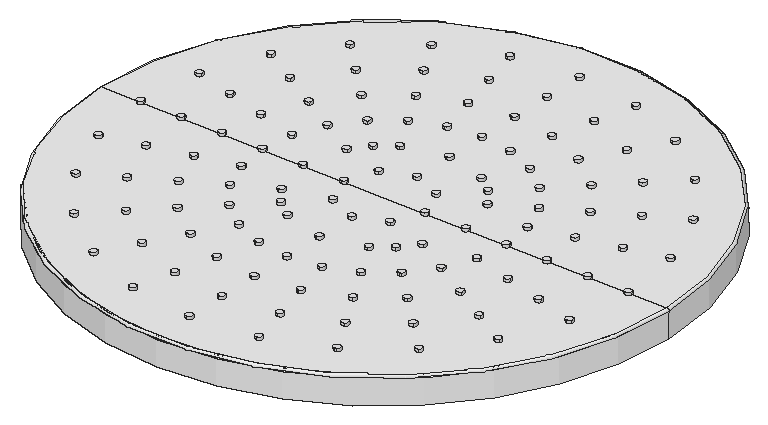
Revit family "Shower-Showerhead-KOHLER-Katalyst-13689W", category Plumbing Fixtures, host Face, Revit 2017
Family settings
  Host = Face
  Round Connector Dimension = Use Diameter
  Part Type = Normal
  OmniClass Number = 23.31.17.00
  OmniClass Title = Showers
  Cut with Voids When Loaded = No
  Shared = No
  Room Calculation Point = No
Parameters (values of type "CP-Polished Chrome")
  Width = 10"  # constant formula
  WaterSense Certified = 1 = 0  # no
  Waste Water Outlet = "Waste Water Outlet"  # constant formula
  Waste Connection = 1 = 0  # no
  Vent Connection = 1 = 0  # no
  URL = "https://www.kohler.co.uk/"
  Type = 1
  Tempred Water Inlet = "Tempred Water Inlet"  # constant formula
  Product Page URL = "https://www.kohler.co.uk/showering/water-delivery/rainheads/katalyst-contemporary-round-rainhead-10in-diameter/"
  Product Name = "Katalyst"  # constant formula
  Product Documentation Link = "https://resources.kohler.com/plumbing/kohleruk/pdf/Contemporary%20round%20rainheads%20datasheet%202015.pdf"
  Pressure = 7.25 psi  # constant formula
  Model = "13689W-CP"  # constant formula
  Material = "Brass Construction"  # constant formula
  Master Format 2014 Name = "Residential Showers"  # constant formula
  Master Format 2014 = "22 42 23"  # constant formula
  Manufacturer Address = "Cromwell Road, Cheltenham, Gloucestershire. GL52 5EP Registered in England No. 252115"  # constant formula
  Manufacturer = "KOHLER Co."  # constant formula
  Length = 10"  # constant formula
  Hot Water Inlet = "Hot Water Inlet"  # constant formula
  Height = 2 3/4"  # constant formula
  HW Connection = 1 = 1  # yes
  Flow Rate = 0 GPM
  Finish = Metal-Kohler-CP-Polished Chrome
  Environmental Product Declaration = ""
  Drain Included = 1 = 0  # no
  Description = "Contemporary round rainhead 10 inch diameter"  # constant formula
  Default Elevation = 0"
  Declare Label = ""
  Date Modified = "09/04/2020"  # constant formula
  Date Created = "09/04/2020"  # constant formula
  Copyright = "Copyright KOHLER Co."  # constant formula
  Contact Us = "https://www.kohler.co.uk/support/contact/"
  Cold Water Inlet = "Cold Water Inlet"  # constant formula
  CW Connection = 1 = 0  # no
  Assembly Code = "D2010700"
  ADA Compliant = 1 = 0  # no
Reference planes (in)
  plane 1 "Center (Front/Back)": y = 0
  plane 2: z = 0
  plane 3 "Center (Left/Right)": x = 0
  plane 4: z = 2.75
  plane 5: x = 5
  plane 6: z = -0.00031
  plane 7: x = -1.11966
  plane 8: x = 1.11966
  plane 9: x = -5
  plane 10: y = -5
  plane 11: y = 5
  plane 12: y = 1.11875
  plane 13: y = -1.11875
Dimensions and locks (in)
  plane 11 to plane 10 = 10"
  "Length": plane 11 to plane 10
  "Width": plane 9 to plane 5
  "Height": level to plane 4
  aligned and locked: plane 2 to host face
  aligned and locked: level to host face
Automatic sketch dimensions
  host sketch curve to host sketch curve = 96"  (x2)
Nested families (in)
  nested 1: "13689W" at (0, 0, 0), type "13689W"
Connectors (in)
  piping at (0, 0, 0), diameter 0.5, driven by "Flow Rate", driven by "HW Connection", driven by "Pressure", driven by "Tempred Water Inlet"
    settings: on nested 1, index 1, connector inside diameter 24", connector length 0", flow factor 0, pipe flow 0 GPM, pressure drop 7.25 psi, fitting loss kfactor 0, connector angle 0.00°, fixture units 0, engagement length 0", angle of deflection 0.00°, flow configuration 0, flow direction 1, fitting loss method 4, system type 19, joint type 0, gender type 0, connector reference index -1, connector utility 1, adjustable connector no, is connector primary yes, connector description "Tempred Water Inlet"
Definition of nested family "13689W"
  Parameters (values of type "13689W")
    Finish = none
    Assembly Code = ""
  Reference planes (in)
    plane 1 "Center (Front/Back)": y = 0
    plane 2 "Back": z = 0
    plane 3 "Center (Left/Right)": x = 0
    plane 4 "Left": x = -5
    plane 5 "Right": x = 5
    plane 6 "Top": y = 5
    plane 7 "Bottom": y = -5
    plane 8 "Front": z = 2.75
  Forms (in)
    Revolve 1, solid, material <- "Finish", detail levels medium+fine
      sketch origin (0, 0, 0) x (1, 0, 0) y (0, 0, 1)
        loop
          line (0, 0) -> (0, 2.71692) -> (-4.96144, 2.71692)
          arc (-4.96144, 2.71692) -> (-4.9887, 2.70563) -> (-5, 2.67836) r 0.03856
          line (-5, 2.67836) -> (-5, 2.24404) -> (-0.72059, 2.24404) -> (-0.72059, 1.66964) -> (-0.68982, 1.66964) -> (-0.68982, 1.19665) -> (-0.43848, 1.19665)
          arc (-0.43848, 1.19665) -> (-0.39123, 1.13635) -> (-0.33581, 1.08346) r 0.53225
          arc (-0.33581, 1.08346) -> (-0.31109, 1.01901) -> (-0.35357, 0.96459) r 0.07013
          arc (-0.35357, 0.96459) -> (-0.4567, 0.87986) -> (-0.49543, 0.75212) r 0.23005
          line (-0.49543, 0.75212) -> (-0.49543, 0.02476)
          arc (-0.49543, 0.02476) -> (-0.48818, 0.00725) -> (-0.47067, 0) r 0.02476
          line (-0.47067, 0) -> (0, 0)
        axis (0, 0) -> (0, 2.71692)
      angle from 0 to 360
    Extrusion 2, solid, detail levels medium+fine
      sketch origin (0, 0, 0) x (-1, 0, 0) y (0, -1, 0)
        loop
          circle (0.71429, 0) r 0.05864
        loop
          circle (3.57143, 0) r 0.05864
        loop
          circle (2.85714, 0) r 0.05864
        loop
          circle (2.14286, 0) r 0.05864
        loop
          circle (1.42857, 0) r 0.05864
        loop
          circle (4.28571, 0) r 0.05864
        loop
          circle (-0.71429, 0) r 0.05864
        loop
          circle (-3.57143, 0) r 0.05864
        loop
          circle (-2.85714, 0) r 0.05864
        loop
          circle (-2.14286, 0) r 0.05864
        loop
          circle (-1.42857, 0) r 0.05864
        loop
          circle (-4.28571, 0) r 0.05864
        loop
          circle (0, 0.71429) r 0.05864
        loop
          circle (0, 3.57143) r 0.05864
        loop
          circle (0, 2.85714) r 0.05864
        loop
          circle (0, 2.14286) r 0.05864
        loop
          circle (0, 1.42857) r 0.05864
        loop
          circle (0, 4.28571) r 0.05864
        loop
          circle (0, -0.71429) r 0.05864
        loop
          circle (0, -3.57143) r 0.05864
        loop
          circle (0, -2.85714) r 0.05864
        loop
          circle (0, -2.14286) r 0.05864
        loop
          circle (0, -1.42857) r 0.05864
        loop
          circle (0, -4.28571) r 0.05864
        loop
          circle (-0.50508, 0.50508) r 0.05864
        loop
          circle (-2.52538, 2.52538) r 0.05864
        loop
          circle (-2.02031, 2.02031) r 0.05864
        loop
          circle (-1.51523, 1.51523) r 0.05864
        loop
          circle (-1.01015, 1.01015) r 0.05864
        loop
          circle (-3.03046, 3.03046) r 0.05864
        loop
          circle (0.50508, -0.50508) r 0.05864
        loop
          circle (2.52538, -2.52538) r 0.05864
        loop
          circle (2.02031, -2.02031) r 0.05864
        loop
          circle (1.51523, -1.51523) r 0.05864
        loop
          circle (1.01015, -1.01015) r 0.05864
        loop
          circle (3.03046, -3.03046) r 0.05864
        loop
          circle (0.50508, 0.50508) r 0.05864
        loop
          circle (2.52538, 2.52538) r 0.05864
        loop
          circle (2.02031, 2.02031) r 0.05864
        loop
          circle (1.51523, 1.51523) r 0.05864
        loop
          circle (1.01015, 1.01015) r 0.05864
        loop
          circle (3.03046, 3.03046) r 0.05864
        loop
          circle (-0.50508, -0.50508) r 0.05864
        loop
          circle (-2.52538, -2.52538) r 0.05864
        loop
          circle (-2.02031, -2.02031) r 0.05864
        loop
          circle (-1.51523, -1.51523) r 0.05864
        loop
          circle (-1.01015, -1.01015) r 0.05864
        loop
          circle (-3.03046, -3.03046) r 0.05864
        loop
          circle (0.92435, -3.44974) r 0.05864
        loop
          circle (0.73948, -2.75979) r 0.05864
        loop
          circle (0.55461, -2.06984) r 0.05864
        loop
          circle (1.10922, -4.13968) r 0.05864
        loop
          circle (-0.92435, -3.44974) r 0.05864
        loop
          circle (-0.73948, -2.75979) r 0.05864
        loop
          circle (-0.55461, -2.06984) r 0.05864
        loop
          circle (-1.10922, -4.13968) r 0.05864
        loop
          circle (0.92435, 3.44974) r 0.05864
        loop
          circle (0.73948, 2.75979) r 0.05864
        loop
          circle (0.55461, 2.06984) r 0.05864
        loop
          circle (1.10922, 4.13968) r 0.05864
        loop
          circle (-0.92435, 3.44974) r 0.05864
        loop
          circle (-0.73948, 2.75979) r 0.05864
        loop
          circle (-0.55461, 2.06984) r 0.05864
        loop
          circle (-1.10922, 4.13968) r 0.05864
        loop
          circle (3.44974, -0.92435) r 0.05864
        loop
          circle (2.75979, -0.73948) r 0.05864
        loop
          circle (2.06984, -0.55461) r 0.05864
        loop
          circle (4.13968, -1.10922) r 0.05864
        loop
          circle (3.44974, 0.92435) r 0.05864
        loop
          circle (2.75979, 0.73948) r 0.05864
        loop
          circle (2.06984, 0.55461) r 0.05864
        loop
          circle (4.13968, 1.10922) r 0.05864
        loop
          circle (-3.44974, -0.92435) r 0.05864
        loop
          circle (-2.75979, -0.73948) r 0.05864
        loop
          circle (-2.06984, -0.55461) r 0.05864
        loop
          circle (-4.13968, -1.10922) r 0.05864
        loop
          circle (-3.44974, 0.92435) r 0.05864
        loop
          circle (-2.75979, 0.73948) r 0.05864
        loop
          circle (-2.06984, 0.55461) r 0.05864
        loop
          circle (-4.13968, 1.10922) r 0.05864
        loop
          circle (1.78571, -3.09295) r 0.05864
        loop
          circle (1.42857, -2.47436) r 0.05864
        loop
          circle (1.07143, -1.85577) r 0.05864
        loop
          circle (0.71429, -1.23718) r 0.05864
        loop
          circle (2.14286, -3.71154) r 0.05864
        loop
          circle (-1.78571, -3.09295) r 0.05864
        loop
          circle (-1.42857, -2.47436) r 0.05864
        loop
          circle (-1.07143, -1.85577) r 0.05864
        loop
          circle (-0.71429, -1.23718) r 0.05864
        loop
          circle (-2.14286, -3.71154) r 0.05864
        loop
          circle (-1.78571, 3.09295) r 0.05864
        loop
          circle (-1.42857, 2.47436) r 0.05864
        loop
          circle (-1.07143, 1.85577) r 0.05864
        loop
          circle (-0.71429, 1.23718) r 0.05864
        loop
          circle (-2.14286, 3.71154) r 0.05864
        loop
          circle (1.78571, 3.09295) r 0.05864
        loop
          circle (1.42857, 2.47436) r 0.05864
        loop
          circle (1.07143, 1.85577) r 0.05864
        loop
          circle (0.71429, 1.23718) r 0.05864
        loop
          circle (2.14286, 3.71154) r 0.05864
        loop
          circle (3.09295, 1.78571) r 0.05864
        loop
          circle (2.47436, 1.42857) r 0.05864
        loop
          circle (1.85577, 1.07143) r 0.05864
        loop
          circle (1.23718, 0.71429) r 0.05864
        loop
          circle (3.71154, 2.14286) r 0.05864
        loop
          circle (3.09295, -1.78571) r 0.05864
        loop
          circle (2.47436, -1.42857) r 0.05864
        loop
          circle (1.85577, -1.07143) r 0.05864
        loop
          circle (1.23718, -0.71429) r 0.05864
        loop
          circle (3.71154, -2.14286) r 0.05864
        loop
          circle (-3.09295, 1.78571) r 0.05864
        loop
          circle (-2.47436, 1.42857) r 0.05864
        loop
          circle (-1.85577, 1.07143) r 0.05864
        loop
          circle (-1.23718, 0.71429) r 0.05864
        loop
          circle (-3.71154, 2.14286) r 0.05864
        loop
          circle (-3.09295, -1.78571) r 0.05864
        loop
          circle (-2.47436, -1.42857) r 0.05864
        loop
          circle (-1.85577, -1.07143) r 0.05864
        loop
          circle (-1.23718, -0.71429) r 0.05864
        loop
          circle (-3.71154, -2.14286) r 0.05864
      from 2.52219 to 2.75
    Revolve 3, solid, material <- "Finish", detail levels coarse
      sketch origin (0, 0, 0) x (0, 1, 0) y (0, 0, 1)
        loop
          line (0, 0) -> (1, 0) -> (1, 2.24404) -> (5, 2.24404) -> (5, 2.75) -> (0, 2.75) -> (0, 0)
        axis (0, 2.75) -> (0, 0)
      angle from 0 to 360
    Extrusion 4, solid, material <- "Finish", detail levels medium+fine
      sketch origin (0, 0, 0) x (1, 0, 0) y (0, 1, 0)
        loop
          circle (0, 0) r 0.25
      from 0 to 0.06712
    Extrusion 5, void
      sketch origin (0, 0, 0) x (0, 1, 0) y (0, 0, 1)
        loop
          line (-0.54094, 0.34711) -> (-0.45941, 0.34711) -> (-0.45941, 0.95759) -> (-0.54094, 0.95759) -> (-0.54094, 0.34711)
        loop
          line (0.54094, 0.34711) -> (0.54094, 0.95759) -> (0.45941, 0.95759) -> (0.45941, 0.34711) -> (0.54094, 0.34711)
      from -0.70512 to 0.70221
  Cuts and joins
    Extrusion 5 cuts Revolve 1
  Lines and regions (in)
    Masking region 1
      outline origin (0, 0, 0) x (1, 0, 0) y (0, 0, 1)
        loop
          line (-0.47553, 0) -> (0.47553, 0)
          arc (0.47553, 0) -> (0.49093, 0.00718) -> (0.49532, 0.02359) r 0.0201
          line (0.49532, 0.02359) -> (0.49532, 0.75212)
          arc (0.49532, 0.75212) -> (0.45615, 0.88026) -> (0.35201, 0.96459) r 0.22916
          arc (0.35201, 0.96459) -> (0.31139, 1.01963) -> (0.33597, 1.08346) r 0.07111
          arc (0.33597, 1.08346) -> (0.39108, 1.13665) -> (0.43869, 1.19665) r 0.57911
          line (0.43869, 1.19665) -> (0.68956, 1.19665) -> (0.68956, 1.66964) -> (0.72059, 1.66964) -> (0.72059, 2.24404) -> (5, 2.24404) -> (5, 2.68627)
          arc (5, 2.68627) -> (4.99064, 2.70798) -> (4.96875, 2.71692) r 0.03125
          line (4.96875, 2.71692) -> (4.34435, 2.71692) -> (4.34435, 2.75) -> (4.22708, 2.75) -> (4.22708, 2.71692) -> (4.19604, 2.71692) -> (4.19604, 2.75) -> (4.08104, 2.75) -> (4.08104, 2.71692) -> (3.77018, 2.71692) -> (3.77018, 2.75) -> (3.6529, 2.75) -> (3.6529, 2.71692) -> (3.62216, 2.71692) -> (3.62216, 2.75) -> (3.3911, 2.75) -> (3.3911, 2.71692) -> (3.15159, 2.71692) -> (3.15159, 2.75) -> (2.97182, 2.75) -> (2.97182, 2.71692) -> (2.91578, 2.71692) -> (2.91578, 2.75) -> (2.70115, 2.75) -> (2.70115, 2.71692) -> (2.58402, 2.71692) -> (2.58402, 2.75) -> (2.41572, 2.75) -> (2.41572, 2.71692) -> (2.2015, 2.71692) -> (2.2015, 2.75) -> (1.96167, 2.75) -> (1.96167, 2.71692) -> (1.91441, 2.71692) -> (1.91441, 2.75) -> (1.72708, 2.75) -> (1.72708, 2.71692) -> (1.57387, 2.71692) -> (1.57387, 2.75) -> (1.36993, 2.75) -> (1.36993, 2.71692) -> (1.29582, 2.71692) -> (1.29582, 2.75) -> (0.86572, 2.75) -> (0.86572, 2.71692) -> (0.79812, 2.71692) -> (0.79812, 2.75) -> (0.65565, 2.75) -> (0.65565, 2.71692) -> (0.61325, 2.71692) -> (0.61325, 2.75) -> (0.44644, 2.75) -> (0.44644, 2.71692) -> (0.05864, 2.71692) -> (0.05864, 2.75) -> (0, 2.75) -> (-0.05864, 2.75) -> (-0.05864, 2.71692) -> (-0.44644, 2.71692) -> (-0.44644, 2.75) -> (-0.61325, 2.75) -> (-0.61325, 2.71692) -> (-0.65565, 2.71692) -> (-0.65565, 2.75) -> (-0.79812, 2.75) -> (-0.79812, 2.71692) -> (-0.86571, 2.71692) -> (-0.86571, 2.75) -> (-1.29582, 2.75) -> (-1.29582, 2.71692) -> (-1.36993, 2.71692) -> (-1.36993, 2.75) -> (-1.57387, 2.75) -> (-1.57387, 2.71692) -> (-1.72707, 2.71692) -> (-1.72707, 2.75) -> (-1.91441, 2.75) -> (-1.91441, 2.71692) -> (-1.96167, 2.71692) -> (-1.96167, 2.75) -> (-2.20149, 2.75) -> (-2.20149, 2.71692) -> (-2.41572, 2.71692) -> (-2.41572, 2.75) -> (-2.58402, 2.75) -> (-2.58402, 2.71692) -> (-2.70115, 2.71692) -> (-2.70115, 2.75) -> (-2.91578, 2.75) -> (-2.91578, 2.71692) -> (-2.97182, 2.71692) -> (-2.97182, 2.75) -> (-3.15159, 2.75) -> (-3.15159, 2.71692) -> (-3.3911, 2.71692) -> (-3.3911, 2.75) -> (-3.62216, 2.75) -> (-3.62216, 2.71692) -> (-3.6529, 2.71692) -> (-3.6529, 2.75) -> (-3.77017, 2.75) -> (-3.77017, 2.71692) -> (-4.08104, 2.71692) -> (-4.08104, 2.75) -> (-4.19604, 2.75) -> (-4.19604, 2.71692) -> (-4.22707, 2.71692) -> (-4.22707, 2.75) -> (-4.34435, 2.75) -> (-4.34435, 2.71692) -> (-4.96875, 2.71692)
          arc (-4.96875, 2.71692) -> (-4.99085, 2.70777) -> (-5, 2.68567) r 0.03125
          line (-5, 2.68567) -> (-5, 2.24404) -> (-0.72059, 2.24404) -> (-0.72059, 1.66964) -> (-0.68956, 1.66964) -> (-0.68956, 1.19665) -> (-0.43869, 1.19665)
          arc (-0.43869, 1.19665) -> (-0.39108, 1.13665) -> (-0.33596, 1.08346) r 0.57911
          arc (-0.33596, 1.08346) -> (-0.31138, 1.01963) -> (-0.352, 0.96459) r 0.07111
          arc (-0.352, 0.96459) -> (-0.45614, 0.88026) -> (-0.49532, 0.75212) r 0.22916
          line (-0.49532, 0.75212) -> (-0.49532, 0.02359)
          arc (-0.49532, 0.02359) -> (-0.49092, 0.00718) -> (-0.47553, 0) r 0.0201
    Masking region 2
      outline origin (0, 0, 0) x (0, 1, 0) y (0, 0, 1)
        loop
          arc (0.47553, 0) -> (0.49093, 0.00718) -> (0.49532, 0.02359) r 0.0201
          line (0.49532, 0.02359) -> (0.49532, 0.34711) -> (0.45941, 0.34711) -> (0.45941, 0.87529)
          arc (0.45941, 0.87529) -> (0.41267, 0.92832) -> (0.35201, 0.96459) r 0.22916
          arc (0.35201, 0.96459) -> (0.31138, 1.01963) -> (0.33597, 1.08346) r 0.07111
          arc (0.33597, 1.08346) -> (0.39108, 1.13665) -> (0.43869, 1.19665) r 0.57911
          line (0.43869, 1.19665) -> (0.68956, 1.19665) -> (0.68956, 1.66964) -> (0.72059, 1.66964) -> (0.72059, 2.24404) -> (5, 2.24404) -> (5, 2.68567)
          arc (5, 2.68567) -> (4.99085, 2.70777) -> (4.96875, 2.71692) r 0.03125
          line (4.96875, 2.71692) -> (4.34435, 2.71692) -> (4.34435, 2.75) -> (4.22708, 2.75) -> (4.22708, 2.71692) -> (4.19604, 2.71692) -> (4.19604, 2.75) -> (4.08104, 2.75) -> (4.08104, 2.71692) -> (3.77018, 2.71692) -> (3.77018, 2.75) -> (3.6529, 2.75) -> (3.6529, 2.71692) -> (3.62216, 2.71692) -> (3.62216, 2.75) -> (3.3911, 2.75) -> (3.3911, 2.71692) -> (3.15159, 2.71692) -> (3.15159, 2.75) -> (2.97182, 2.75) -> (2.97182, 2.71692) -> (2.91578, 2.71692) -> (2.91578, 2.75) -> (2.70115, 2.75) -> (2.70115, 2.71692) -> (2.58402, 2.71692) -> (2.58402, 2.75) -> (2.41572, 2.75) -> (2.41572, 2.71692) -> (2.2015, 2.71692) -> (2.2015, 2.75) -> (1.96167, 2.75) -> (1.96167, 2.71692) -> (1.91441, 2.71692) -> (1.91441, 2.75) -> (1.72708, 2.75) -> (1.72708, 2.71692) -> (1.57387, 2.71692) -> (1.57387, 2.75) -> (1.36993, 2.75) -> (1.36993, 2.71692) -> (1.29582, 2.71692) -> (1.29582, 2.75) -> (0.86572, 2.75) -> (0.86572, 2.71692) -> (0.79812, 2.71692) -> (0.79812, 2.75) -> (0.65565, 2.75) -> (0.65565, 2.71692) -> (0.61325, 2.71692) -> (0.61325, 2.75) -> (0.44644, 2.75) -> (0.44644, 2.71692) -> (0.05864, 2.71692) -> (0.05864, 2.75) -> (0, 2.75) -> (-0.05864, 2.75) -> (-0.05864, 2.71692) -> (-0.44644, 2.71692) -> (-0.44644, 2.75) -> (-0.61325, 2.75) -> (-0.61325, 2.71692) -> (-0.65565, 2.71692) -> (-0.65565, 2.75) -> (-0.79812, 2.75) -> (-0.79812, 2.71692) -> (-0.86572, 2.71692) -> (-0.86572, 2.75) -> (-1.29582, 2.75) -> (-1.29582, 2.71692) -> (-1.36993, 2.71692) -> (-1.36993, 2.75) -> (-1.57387, 2.75) -> (-1.57387, 2.71692) -> (-1.72708, 2.71692) -> (-1.72708, 2.75) -> (-1.91441, 2.75) -> (-1.91441, 2.71692) -> (-1.96167, 2.71692) -> (-1.96167, 2.75) -> (-2.2015, 2.75) -> (-2.2015, 2.71692) -> (-2.41572, 2.71692) -> (-2.41572, 2.75) -> (-2.58402, 2.75) -> (-2.58402, 2.71692) -> (-2.70115, 2.71692) -> (-2.70115, 2.75) -> (-2.91578, 2.75) -> (-2.91578, 2.71692) -> (-2.97182, 2.71692) -> (-2.97182, 2.75) -> (-3.15159, 2.75) -> (-3.15159, 2.71692) -> (-3.3911, 2.71692) -> (-3.3911, 2.75) -> (-3.62216, 2.75) -> (-3.62216, 2.71692) -> (-3.6529, 2.71692) -> (-3.6529, 2.75) -> (-3.77018, 2.75) -> (-3.77018, 2.71692) -> (-4.08104, 2.71692) -> (-4.08104, 2.75) -> (-4.19604, 2.75) -> (-4.19604, 2.71692) -> (-4.22708, 2.71692) -> (-4.22708, 2.75) -> (-4.34435, 2.75) -> (-4.34435, 2.71692) -> (-4.96875, 2.71692)
          arc (-4.96875, 2.71692) -> (-4.99064, 2.70798) -> (-5, 2.68627) r 0.03125
          line (-5, 2.68627) -> (-5, 2.24404) -> (-0.72059, 2.24404) -> (-0.72059, 1.66964) -> (-0.68956, 1.66964) -> (-0.68956, 1.19665) -> (-0.43869, 1.19665)
          arc (-0.43869, 1.19665) -> (-0.39108, 1.13665) -> (-0.33597, 1.08346) r 0.57911
          arc (-0.33597, 1.08346) -> (-0.31138, 1.01963) -> (-0.35201, 0.96459) r 0.07111
          arc (-0.35201, 0.96459) -> (-0.41267, 0.92832) -> (-0.45941, 0.87529) r 0.22916
          line (-0.45941, 0.87529) -> (-0.45941, 0.34711) -> (-0.49532, 0.34711) -> (-0.49532, 0.02359)
          arc (-0.49532, 0.02359) -> (-0.49093, 0.00718) -> (-0.47553, 0) r 0.0201
          line (-0.47553, 0) -> (0.47553, 0)
    Masking region 3
      outline origin (0, 0, 0) x (1, 0, 0) y (0, 1, 0)
        loop
          circle (0, 0) r 5
    symbolic lines, detail levels medium+fine
      curve 1: line (-0.72059, 0, 2.24404) -> (0.72059, 0, 2.24404)
      curve 2: line (-0.68982, 0, 1.66964) -> (0.68982, 0, 1.66964)
      curve 3: line (-0.43848, 0, 1.19665) -> (0.43848, 0, 1.19665)
      curve 4: line (-0.33591, 0, 1.08346) -> (0.33591, 0, 1.08346)
      curve 5: line (-0.35346, 0, 0.96459) -> (0.35346, 0, 0.96459)
      curve 6: spline (-0.19715, 0, 0.75212) -> (-0.19043, 0, 0.78649) -> (-0.17074, 0, 0.81851) -> (-0.13942, 0, 0.84602) -> (-0.0986, 0, 0.86712) -> (-0.05107, 0, 0.88038) -> (-0.00005, 0, 0.88491) -> (0.05096, 0, 0.88038) -> (0.09849, 0, 0.86712) -> (0.13931, 0, 0.84602) -> (0.17064, 0, 0.81851) -> (0.19033, 0, 0.78649) -> (0.19704, 0, 0.75212)
      curve 7: line (0.19704, 0, 0.17428) -> (0.19704, 0, 0.75212)
      curve 8: line (-0.19715, 0, 0.75212) -> (-0.19715, 0, 0.17428)
      curve 9: line (-0.19715, 0, 0.17428) -> (0.19704, 0, 0.17428)
      curve 10: line (-0.19715, 0, 0.17428) -> (0.19704, 0, 0.17428)
      curve 11: line (0, -0.35357, 0.96459) -> (0, 0.35335, 0.96459)
      curve 12: line (0, -0.33591, 1.08346) -> (0, 0.33575, 1.08346)
      curve 13: line (0, -0.68982, 1.19665) -> (0, 0.68956, 1.19665)
      curve 14: arc (-2.98899, 2.98899, 2.75) -> (-2.98899, 3.07192, 2.75) -> (-3.07192, 3.07192, 2.75) r 0.05864
      curve 15: arc (-3.07192, 3.07192, 2.75) -> (-3.07192, 2.98899, 2.75) -> (-2.98899, 2.98899, 2.75) r 0.05864
      curve 16: arc (-2.48392, 2.48392, 2.75) -> (-2.48392, 2.56685, 2.75) -> (-2.56685, 2.56685, 2.75) r 0.05864
      curve 17: arc (-2.56685, 2.56685, 2.75) -> (-2.56685, 2.48392, 2.75) -> (-2.48392, 2.48392, 2.75) r 0.05864
      curve 18: arc (-1.97884, 1.97884, 2.75) -> (-1.97884, 2.06177, 2.75) -> (-2.06177, 2.06177, 2.75) r 0.05864
      curve 19: arc (-2.06177, 2.06177, 2.75) -> (-2.06177, 1.97884, 2.75) -> (-1.97884, 1.97884, 2.75) r 0.05864
      curve 20: arc (-1.47377, 1.47377, 2.75) -> (-1.47377, 1.55669, 2.75) -> (-1.55669, 1.55669, 2.75) r 0.05864
      curve 21: arc (-1.55669, 1.55669, 2.75) -> (-1.55669, 1.47377, 2.75) -> (-1.47377, 1.47377, 2.75) r 0.05864
      curve 22: arc (-0.96869, 0.96869, 2.75) -> (-0.96869, 1.05162, 2.75) -> (-1.05162, 1.05162, 2.75) r 0.05864
      curve 23: arc (-1.05162, 1.05162, 2.75) -> (-1.05162, 0.96869, 2.75) -> (-0.96869, 0.96869, 2.75) r 0.05864
      curve 24: arc (-0.46361, 0.46361, 2.75) -> (-0.46361, 0.54654, 2.75) -> (-0.54654, 0.54654, 2.75) r 0.05864
      curve 25: arc (-0.54654, 0.54654, 2.75) -> (-0.54654, 0.46361, 2.75) -> (-0.46361, 0.46361, 2.75) r 0.05864
      curve 26: arc (-0.68497, 1.1864, 2.75) -> (-0.6635, 1.2665, 2.75) -> (-0.7436, 1.28796, 2.75) r 0.05864
      curve 27: arc (-0.7436, 1.28796, 2.75) -> (-0.76507, 1.20786, 2.75) -> (-0.68497, 1.1864, 2.75) r 0.05864
      curve 28: arc (-1.04211, 1.80499, 2.75) -> (-1.02065, 1.88509, 2.75) -> (-1.10075, 1.90655, 2.75) r 0.05864
      curve 29: arc (-1.10075, 1.90655, 2.75) -> (-1.12221, 1.82645, 2.75) -> (-1.04211, 1.80499, 2.75) r 0.05864
      curve 30: arc (-1.39925, 2.42358, 2.75) -> (-1.37779, 2.50368, 2.75) -> (-1.45789, 2.52514, 2.75) r 0.05864
      curve 31: arc (-1.45789, 2.52514, 2.75) -> (-1.47935, 2.44504, 2.75) -> (-1.39925, 2.42358, 2.75) r 0.05864
      curve 32: arc (-1.7564, 3.04217, 2.75) -> (-1.73493, 3.12227, 2.75) -> (-1.81503, 3.14373, 2.75) r 0.05864
      curve 33: arc (-1.81503, 3.14373, 2.75) -> (-1.8365, 3.06363, 2.75) -> (-1.7564, 3.04217, 2.75) r 0.05864
      curve 34: arc (-2.11354, 3.66075, 2.75) -> (-2.09207, 3.74086, 2.75) -> (-2.17218, 3.76232, 2.75) r 0.05864
      curve 35: arc (-2.17218, 3.76232, 2.75) -> (-2.19364, 3.68222, 2.75) -> (-2.11354, 3.66075, 2.75) r 0.05864
      curve 36: arc (-1.09405, 4.08304, 2.75) -> (-1.05258, 4.15486, 2.75) -> (-1.1244, 4.19632, 2.75) r 0.05864
      curve 37: arc (-1.1244, 4.19632, 2.75) -> (-1.16586, 4.12451, 2.75) -> (-1.09405, 4.08304, 2.75) r 0.05864
      curve 38: arc (-0.90918, 3.39309, 2.75) -> (-0.86771, 3.46491, 2.75) -> (-0.93953, 3.50638, 2.75) r 0.05864
      curve 39: arc (-0.93953, 3.50638, 2.75) -> (-0.98099, 3.43456, 2.75) -> (-0.90918, 3.39309, 2.75) r 0.05864
      curve 40: arc (-0.72431, 2.70315, 2.75) -> (-0.68284, 2.77496, 2.75) -> (-0.75466, 2.81643, 2.75) r 0.05864
      curve 41: arc (-0.75466, 2.81643, 2.75) -> (-0.79612, 2.74461, 2.75) -> (-0.72431, 2.70315, 2.75) r 0.05864
      curve 42: arc (-0.53944, 2.0132, 2.75) -> (-0.49797, 2.08502, 2.75) -> (-0.56979, 2.12648, 2.75) r 0.05864
      curve 43: arc (-0.56979, 2.12648, 2.75) -> (-0.61125, 2.05466, 2.75) -> (-0.53944, 2.0132, 2.75) r 0.05864
      curve 44: arc (0, 0.65565, 2.75) -> (0.05864, 0.71429, 2.75) -> (0, 0.77292, 2.75) r 0.05864
      curve 45: arc (0, 0.77292, 2.75) -> (-0.05864, 0.71429, 2.75) -> (0, 0.65565, 2.75) r 0.05864
      curve 46: arc (0, 1.36993, 2.75) -> (0.05864, 1.42857, 2.75) -> (0, 1.48721, 2.75) r 0.05864
      curve 47: arc (0, 1.48721, 2.75) -> (-0.05864, 1.42857, 2.75) -> (0, 1.36993, 2.75) r 0.05864
      curve 48: arc (0, 2.08422, 2.75) -> (0.05864, 2.14286, 2.75) -> (0, 2.2015, 2.75) r 0.05864
      curve 49: arc (0, 2.2015, 2.75) -> (-0.05864, 2.14286, 2.75) -> (0, 2.08422, 2.75) r 0.05864
      curve 50: arc (0, 2.7985, 2.75) -> (0.05864, 2.85714, 2.75) -> (0, 2.91578, 2.75) r 0.05864
      curve 51: arc (0, 2.91578, 2.75) -> (-0.05864, 2.85714, 2.75) -> (0, 2.7985, 2.75) r 0.05864
      curve 52: arc (0, 3.51279, 2.75) -> (0.05864, 3.57143, 2.75) -> (0, 3.63007, 2.75) r 0.05864
      curve 53: arc (0, 3.63007, 2.75) -> (-0.05864, 3.57143, 2.75) -> (0, 3.51279, 2.75) r 0.05864
      curve 54: arc (0, 4.22708, 2.75) -> (0.05864, 4.28571, 2.75) -> (0, 4.34435, 2.75) r 0.05864
      curve 55: arc (0, 4.34435, 2.75) -> (-0.05864, 4.28571, 2.75) -> (0, 4.22708, 2.75) r 0.05864
      curve 56: arc (-1.28796, 0.7436, 2.75) -> (-1.2665, 0.6635, 2.75) -> (-1.1864, 0.68497, 2.75) r 0.05864
      curve 57: arc (-1.1864, 0.68497, 2.75) -> (-1.20786, 0.76507, 2.75) -> (-1.28796, 0.7436, 2.75) r 0.05864
      curve 58: arc (-1.90655, 1.10075, 2.75) -> (-1.88509, 1.02065, 2.75) -> (-1.80499, 1.04211, 2.75) r 0.05864
      curve 59: arc (-1.80499, 1.04211, 2.75) -> (-1.82645, 1.12221, 2.75) -> (-1.90655, 1.10075, 2.75) r 0.05864
      curve 60: arc (-2.52514, 1.45789, 2.75) -> (-2.50368, 1.37779, 2.75) -> (-2.42358, 1.39925, 2.75) r 0.05864
      curve 61: arc (-2.42358, 1.39925, 2.75) -> (-2.44504, 1.47935, 2.75) -> (-2.52514, 1.45789, 2.75) r 0.05864
      curve 62: arc (-3.14373, 1.81503, 2.75) -> (-3.12227, 1.73493, 2.75) -> (-3.04217, 1.7564, 2.75) r 0.05864
      curve 63: arc (-3.04217, 1.7564, 2.75) -> (-3.06363, 1.8365, 2.75) -> (-3.14373, 1.81503, 2.75) r 0.05864
      curve 64: arc (-3.76232, 2.17218, 2.75) -> (-3.74086, 2.09207, 2.75) -> (-3.66075, 2.11354, 2.75) r 0.05864
      curve 65: arc (-3.66075, 2.11354, 2.75) -> (-3.68222, 2.19364, 2.75) -> (-3.76232, 2.17218, 2.75) r 0.05864
      curve 66: arc (-2.12648, 0.56979, 2.75) -> (-2.08502, 0.49797, 2.75) -> (-2.0132, 0.53944, 2.75) r 0.05864
      curve 67: arc (-2.0132, 0.53944, 2.75) -> (-2.05466, 0.61125, 2.75) -> (-2.12648, 0.56979, 2.75) r 0.05864
      curve 68: arc (-2.81643, 0.75466, 2.75) -> (-2.77496, 0.68284, 2.75) -> (-2.70315, 0.72431, 2.75) r 0.05864
      curve 69: arc (-2.70315, 0.72431, 2.75) -> (-2.74461, 0.79612, 2.75) -> (-2.81643, 0.75466, 2.75) r 0.05864
      curve 70: arc (-3.50638, 0.93953, 2.75) -> (-3.46491, 0.86771, 2.75) -> (-3.39309, 0.90918, 2.75) r 0.05864
      curve 71: arc (-3.39309, 0.90918, 2.75) -> (-3.43456, 0.98099, 2.75) -> (-3.50638, 0.93953, 2.75) r 0.05864
      curve 72: arc (-4.19632, 1.1244, 2.75) -> (-4.15486, 1.05258, 2.75) -> (-4.08304, 1.09405, 2.75) r 0.05864
      curve 73: arc (-4.08304, 1.09405, 2.75) -> (-4.12451, 1.16586, 2.75) -> (-4.19632, 1.1244, 2.75) r 0.05864
      curve 74: arc (-0.77292, 0, 2.75) -> (-0.71429, -0.05864, 2.75) -> (-0.65565, 0, 2.75) r 0.05864
      curve 75: arc (-0.65565, 0, 2.75) -> (-0.71429, 0.05864, 2.75) -> (-0.77292, 0, 2.75) r 0.05864
      curve 76: arc (-1.48721, 0, 2.75) -> (-1.42857, -0.05864, 2.75) -> (-1.36993, 0, 2.75) r 0.05864
      curve 77: arc (-1.36993, 0, 2.75) -> (-1.42857, 0.05864, 2.75) -> (-1.48721, 0, 2.75) r 0.05864
      curve 78: arc (-2.2015, 0, 2.75) -> (-2.14286, -0.05864, 2.75) -> (-2.08422, 0, 2.75) r 0.05864
      curve 79: arc (-2.08422, 0, 2.75) -> (-2.14286, 0.05864, 2.75) -> (-2.2015, 0, 2.75) r 0.05864
      curve 80: arc (-2.91578, 0, 2.75) -> (-2.85714, -0.05864, 2.75) -> (-2.7985, 0, 2.75) r 0.05864
      curve 81: arc (-2.7985, 0, 2.75) -> (-2.85714, 0.05864, 2.75) -> (-2.91578, 0, 2.75) r 0.05864
      curve 82: arc (-3.63007, 0, 2.75) -> (-3.57143, -0.05864, 2.75) -> (-3.51279, 0, 2.75) r 0.05864
      curve 83: arc (-3.51279, 0, 2.75) -> (-3.57143, 0.05864, 2.75) -> (-3.63007, 0, 2.75) r 0.05864
      curve 84: arc (-4.34435, 0, 2.75) -> (-4.28571, -0.05864, 2.75) -> (-4.22708, 0, 2.75) r 0.05864
      curve 85: arc (-4.22708, 0, 2.75) -> (-4.28571, 0.05864, 2.75) -> (-4.34435, 0, 2.75) r 0.05864
      curve 86: arc (-2.98899, -2.98899, 2.75) -> (-2.98899, -3.07192, 2.75) -> (-3.07192, -3.07192, 2.75) r 0.05864
      curve 87: arc (-3.07192, -3.07192, 2.75) -> (-3.07192, -2.98899, 2.75) -> (-2.98899, -2.98899, 2.75) r 0.05864
      curve 88: arc (-2.48392, -2.48392, 2.75) -> (-2.48392, -2.56685, 2.75) -> (-2.56685, -2.56685, 2.75) r 0.05864
      curve 89: arc (-2.56685, -2.56685, 2.75) -> (-2.56685, -2.48392, 2.75) -> (-2.48392, -2.48392, 2.75) r 0.05864
      curve 90: arc (-1.97884, -1.97884, 2.75) -> (-1.97884, -2.06177, 2.75) -> (-2.06177, -2.06177, 2.75) r 0.05864
      curve 91: arc (-2.06177, -2.06177, 2.75) -> (-2.06177, -1.97884, 2.75) -> (-1.97884, -1.97884, 2.75) r 0.05864
      curve 92: arc (-1.47377, -1.47377, 2.75) -> (-1.47377, -1.55669, 2.75) -> (-1.55669, -1.55669, 2.75) r 0.05864
      curve 93: arc (-1.55669, -1.55669, 2.75) -> (-1.55669, -1.47377, 2.75) -> (-1.47377, -1.47377, 2.75) r 0.05864
      curve 94: arc (-0.96869, -0.96869, 2.75) -> (-0.96869, -1.05162, 2.75) -> (-1.05162, -1.05162, 2.75) r 0.05864
      curve 95: arc (-1.05162, -1.05162, 2.75) -> (-1.05162, -0.96869, 2.75) -> (-0.96869, -0.96869, 2.75) r 0.05864
      curve 96: arc (-0.46361, -0.46361, 2.75) -> (-0.46361, -0.54654, 2.75) -> (-0.54654, -0.54654, 2.75) r 0.05864
      curve 97: arc (-0.54654, -0.54654, 2.75) -> (-0.54654, -0.46361, 2.75) -> (-0.46361, -0.46361, 2.75) r 0.05864
      curve 98: arc (-0.68497, -1.1864, 2.75) -> (-0.6635, -1.2665, 2.75) -> (-0.7436, -1.28796, 2.75) r 0.05864
      curve 99: arc (-0.7436, -1.28796, 2.75) -> (-0.76507, -1.20786, 2.75) -> (-0.68497, -1.1864, 2.75) r 0.05864
      curve 100: arc (-1.04211, -1.80499, 2.75) -> (-1.02065, -1.88509, 2.75) -> (-1.10075, -1.90655, 2.75) r 0.05864
      curve 101: arc (-1.10075, -1.90655, 2.75) -> (-1.12221, -1.82645, 2.75) -> (-1.04211, -1.80499, 2.75) r 0.05864
      curve 102: arc (-1.39925, -2.42358, 2.75) -> (-1.37779, -2.50368, 2.75) -> (-1.45789, -2.52514, 2.75) r 0.05864
      curve 103: arc (-1.45789, -2.52514, 2.75) -> (-1.47935, -2.44504, 2.75) -> (-1.39925, -2.42358, 2.75) r 0.05864
      curve 104: arc (-1.7564, -3.04217, 2.75) -> (-1.73493, -3.12227, 2.75) -> (-1.81503, -3.14373, 2.75) r 0.05864
      curve 105: arc (-1.81503, -3.14373, 2.75) -> (-1.8365, -3.06363, 2.75) -> (-1.7564, -3.04217, 2.75) r 0.05864
      curve 106: arc (-2.11354, -3.66075, 2.75) -> (-2.09207, -3.74086, 2.75) -> (-2.17218, -3.76232, 2.75) r 0.05864
      curve 107: arc (-2.17218, -3.76232, 2.75) -> (-2.19364, -3.68222, 2.75) -> (-2.11354, -3.66075, 2.75) r 0.05864
      curve 108: arc (-1.09405, -4.08304, 2.75) -> (-1.05258, -4.15486, 2.75) -> (-1.1244, -4.19632, 2.75) r 0.05864
      curve 109: arc (-1.1244, -4.19632, 2.75) -> (-1.16586, -4.12451, 2.75) -> (-1.09405, -4.08304, 2.75) r 0.05864
      curve 110: arc (-0.90918, -3.39309, 2.75) -> (-0.86771, -3.46491, 2.75) -> (-0.93953, -3.50638, 2.75) r 0.05864
      curve 111: arc (-0.93953, -3.50638, 2.75) -> (-0.98099, -3.43456, 2.75) -> (-0.90918, -3.39309, 2.75) r 0.05864
      curve 112: arc (-0.72431, -2.70315, 2.75) -> (-0.68284, -2.77496, 2.75) -> (-0.75466, -2.81643, 2.75) r 0.05864
      curve 113: arc (-0.75466, -2.81643, 2.75) -> (-0.79612, -2.74461, 2.75) -> (-0.72431, -2.70315, 2.75) r 0.05864
      curve 114: arc (-0.53944, -2.0132, 2.75) -> (-0.49797, -2.08502, 2.75) -> (-0.56979, -2.12648, 2.75) r 0.05864
      curve 115: arc (-0.56979, -2.12648, 2.75) -> (-0.61125, -2.05466, 2.75) -> (-0.53944, -2.0132, 2.75) r 0.05864
      curve 116: arc (-1.28796, -0.7436, 2.75) -> (-1.2665, -0.6635, 2.75) -> (-1.1864, -0.68497, 2.75) r 0.05864
      curve 117: arc (-1.1864, -0.68497, 2.75) -> (-1.20786, -0.76507, 2.75) -> (-1.28796, -0.7436, 2.75) r 0.05864
      curve 118: arc (-1.90655, -1.10075, 2.75) -> (-1.88509, -1.02065, 2.75) -> (-1.80499, -1.04211, 2.75) r 0.05864
      curve 119: arc (-1.80499, -1.04211, 2.75) -> (-1.82645, -1.12221, 2.75) -> (-1.90655, -1.10075, 2.75) r 0.05864
      curve 120: arc (-2.52514, -1.45789, 2.75) -> (-2.50368, -1.37779, 2.75) -> (-2.42358, -1.39925, 2.75) r 0.05864
      curve 121: arc (-2.42358, -1.39925, 2.75) -> (-2.44504, -1.47935, 2.75) -> (-2.52514, -1.45789, 2.75) r 0.05864
      curve 122: arc (-3.14373, -1.81503, 2.75) -> (-3.12227, -1.73493, 2.75) -> (-3.04217, -1.7564, 2.75) r 0.05864
      curve 123: arc (-3.04217, -1.7564, 2.75) -> (-3.06363, -1.8365, 2.75) -> (-3.14373, -1.81503, 2.75) r 0.05864
      curve 124: arc (-3.76232, -2.17218, 2.75) -> (-3.74086, -2.09207, 2.75) -> (-3.66075, -2.11354, 2.75) r 0.05864
      curve 125: arc (-3.66075, -2.11354, 2.75) -> (-3.68222, -2.19364, 2.75) -> (-3.76232, -2.17218, 2.75) r 0.05864
      curve 126: arc (-2.12648, -0.56979, 2.75) -> (-2.08502, -0.49797, 2.75) -> (-2.0132, -0.53944, 2.75) r 0.05864
      curve 127: arc (-2.0132, -0.53944, 2.75) -> (-2.05466, -0.61125, 2.75) -> (-2.12648, -0.56979, 2.75) r 0.05864
      curve 128: arc (-2.81643, -0.75466, 2.75) -> (-2.77496, -0.68284, 2.75) -> (-2.70315, -0.72431, 2.75) r 0.05864
      curve 129: arc (-2.70315, -0.72431, 2.75) -> (-2.74461, -0.79612, 2.75) -> (-2.81643, -0.75466, 2.75) r 0.05864
      curve 130: arc (-3.50638, -0.93953, 2.75) -> (-3.46491, -0.86771, 2.75) -> (-3.39309, -0.90918, 2.75) r 0.05864
      curve 131: arc (-3.39309, -0.90918, 2.75) -> (-3.43456, -0.98099, 2.75) -> (-3.50638, -0.93953, 2.75) r 0.05864
      curve 132: arc (-4.19632, -1.1244, 2.75) -> (-4.15486, -1.05258, 2.75) -> (-4.08304, -1.09405, 2.75) r 0.05864
      curve 133: arc (-4.08304, -1.09405, 2.75) -> (-4.12451, -1.16586, 2.75) -> (-4.19632, -1.1244, 2.75) r 0.05864
      curve 134: arc (2.98899, -2.98899, 2.75) -> (2.98899, -3.07192, 2.75) -> (3.07192, -3.07192, 2.75) r 0.05864
      curve 135: arc (3.07192, -3.07192, 2.75) -> (3.07192, -2.98899, 2.75) -> (2.98899, -2.98899, 2.75) r 0.05864
      curve 136: arc (2.48392, -2.48392, 2.75) -> (2.48392, -2.56685, 2.75) -> (2.56685, -2.56685, 2.75) r 0.05864
      curve 137: arc (2.56685, -2.56685, 2.75) -> (2.56685, -2.48392, 2.75) -> (2.48392, -2.48392, 2.75) r 0.05864
      curve 138: arc (1.97884, -1.97884, 2.75) -> (1.97884, -2.06177, 2.75) -> (2.06177, -2.06177, 2.75) r 0.05864
      curve 139: arc (2.06177, -2.06177, 2.75) -> (2.06177, -1.97884, 2.75) -> (1.97884, -1.97884, 2.75) r 0.05864
      curve 140: arc (1.47377, -1.47377, 2.75) -> (1.47377, -1.55669, 2.75) -> (1.55669, -1.55669, 2.75) r 0.05864
      curve 141: arc (1.55669, -1.55669, 2.75) -> (1.55669, -1.47377, 2.75) -> (1.47377, -1.47377, 2.75) r 0.05864
      curve 142: arc (0.96869, -0.96869, 2.75) -> (0.96869, -1.05162, 2.75) -> (1.05162, -1.05162, 2.75) r 0.05864
      curve 143: arc (1.05162, -1.05162, 2.75) -> (1.05162, -0.96869, 2.75) -> (0.96869, -0.96869, 2.75) r 0.05864
      curve 144: arc (0.46361, -0.46361, 2.75) -> (0.46361, -0.54654, 2.75) -> (0.54654, -0.54654, 2.75) r 0.05864
      curve 145: arc (0.54654, -0.54654, 2.75) -> (0.54654, -0.46361, 2.75) -> (0.46361, -0.46361, 2.75) r 0.05864
      curve 146: arc (0.68497, -1.1864, 2.75) -> (0.6635, -1.2665, 2.75) -> (0.7436, -1.28796, 2.75) r 0.05864
      curve 147: arc (0.7436, -1.28796, 2.75) -> (0.76507, -1.20786, 2.75) -> (0.68497, -1.1864, 2.75) r 0.05864
      curve 148: arc (1.04211, -1.80499, 2.75) -> (1.02065, -1.88509, 2.75) -> (1.10075, -1.90655, 2.75) r 0.05864
      curve 149: arc (1.10075, -1.90655, 2.75) -> (1.12221, -1.82645, 2.75) -> (1.04211, -1.80499, 2.75) r 0.05864
      curve 150: arc (1.39925, -2.42358, 2.75) -> (1.37779, -2.50368, 2.75) -> (1.45789, -2.52514, 2.75) r 0.05864
      curve 151: arc (1.45789, -2.52514, 2.75) -> (1.47935, -2.44504, 2.75) -> (1.39925, -2.42358, 2.75) r 0.05864
      curve 152: arc (1.7564, -3.04217, 2.75) -> (1.73493, -3.12227, 2.75) -> (1.81503, -3.14373, 2.75) r 0.05864
      curve 153: arc (1.81503, -3.14373, 2.75) -> (1.8365, -3.06363, 2.75) -> (1.7564, -3.04217, 2.75) r 0.05864
      curve 154: arc (2.11354, -3.66075, 2.75) -> (2.09207, -3.74086, 2.75) -> (2.17218, -3.76232, 2.75) r 0.05864
      curve 155: arc (2.17218, -3.76232, 2.75) -> (2.19364, -3.68222, 2.75) -> (2.11354, -3.66075, 2.75) r 0.05864
      curve 156: arc (1.09405, -4.08304, 2.75) -> (1.05258, -4.15486, 2.75) -> (1.1244, -4.19632, 2.75) r 0.05864
      curve 157: arc (1.1244, -4.19632, 2.75) -> (1.16586, -4.12451, 2.75) -> (1.09405, -4.08304, 2.75) r 0.05864
      curve 158: arc (0.90918, -3.39309, 2.75) -> (0.86771, -3.46491, 2.75) -> (0.93953, -3.50638, 2.75) r 0.05864
      curve 159: arc (0.93953, -3.50638, 2.75) -> (0.98099, -3.43456, 2.75) -> (0.90918, -3.39309, 2.75) r 0.05864
      curve 160: arc (0.72431, -2.70315, 2.75) -> (0.68284, -2.77496, 2.75) -> (0.75466, -2.81643, 2.75) r 0.05864
      curve 161: arc (0.75466, -2.81643, 2.75) -> (0.79612, -2.74461, 2.75) -> (0.72431, -2.70315, 2.75) r 0.05864
      curve 162: arc (0.53944, -2.0132, 2.75) -> (0.49797, -2.08502, 2.75) -> (0.56979, -2.12648, 2.75) r 0.05864
      curve 163: arc (0.56979, -2.12648, 2.75) -> (0.61125, -2.05466, 2.75) -> (0.53944, -2.0132, 2.75) r 0.05864
      curve 164: arc (1.28796, -0.7436, 2.75) -> (1.2665, -0.6635, 2.75) -> (1.1864, -0.68497, 2.75) r 0.05864
      curve 165: arc (1.1864, -0.68497, 2.75) -> (1.20786, -0.76507, 2.75) -> (1.28796, -0.7436, 2.75) r 0.05864
      curve 166: arc (1.90655, -1.10075, 2.75) -> (1.88509, -1.02065, 2.75) -> (1.80499, -1.04211, 2.75) r 0.05864
      curve 167: arc (1.80499, -1.04211, 2.75) -> (1.82645, -1.12221, 2.75) -> (1.90655, -1.10075, 2.75) r 0.05864
      curve 168: arc (2.52514, -1.45789, 2.75) -> (2.50368, -1.37779, 2.75) -> (2.42358, -1.39925, 2.75) r 0.05864
      curve 169: arc (2.42358, -1.39925, 2.75) -> (2.44504, -1.47935, 2.75) -> (2.52514, -1.45789, 2.75) r 0.05864
      curve 170: arc (3.14373, -1.81503, 2.75) -> (3.12227, -1.73493, 2.75) -> (3.04217, -1.7564, 2.75) r 0.05864
      curve 171: arc (3.04217, -1.7564, 2.75) -> (3.06363, -1.8365, 2.75) -> (3.14373, -1.81503, 2.75) r 0.05864
      curve 172: arc (3.76232, -2.17218, 2.75) -> (3.74086, -2.09207, 2.75) -> (3.66075, -2.11354, 2.75) r 0.05864
      curve 173: arc (3.66075, -2.11354, 2.75) -> (3.68222, -2.19364, 2.75) -> (3.76232, -2.17218, 2.75) r 0.05864
      curve 174: arc (2.12648, -0.56979, 2.75) -> (2.08502, -0.49797, 2.75) -> (2.0132, -0.53944, 2.75) r 0.05864
      curve 175: arc (2.0132, -0.53944, 2.75) -> (2.05466, -0.61125, 2.75) -> (2.12648, -0.56979, 2.75) r 0.05864
      curve 176: arc (2.81643, -0.75466, 2.75) -> (2.77496, -0.68284, 2.75) -> (2.70315, -0.72431, 2.75) r 0.05864
      curve 177: arc (2.70315, -0.72431, 2.75) -> (2.74461, -0.79612, 2.75) -> (2.81643, -0.75466, 2.75) r 0.05864
      curve 178: arc (3.50638, -0.93953, 2.75) -> (3.46491, -0.86771, 2.75) -> (3.39309, -0.90918, 2.75) r 0.05864
      curve 179: arc (3.39309, -0.90918, 2.75) -> (3.43456, -0.98099, 2.75) -> (3.50638, -0.93953, 2.75) r 0.05864
      curve 180: arc (4.19632, -1.1244, 2.75) -> (4.15486, -1.05258, 2.75) -> (4.08304, -1.09405, 2.75) r 0.05864
      curve 181: arc (4.08304, -1.09405, 2.75) -> (4.12451, -1.16586, 2.75) -> (4.19632, -1.1244, 2.75) r 0.05864
      curve 182: arc (2.98899, 2.98899, 2.75) -> (2.98899, 3.07192, 2.75) -> (3.07192, 3.07192, 2.75) r 0.05864
      curve 183: arc (3.07192, 3.07192, 2.75) -> (3.07192, 2.98899, 2.75) -> (2.98899, 2.98899, 2.75) r 0.05864
      curve 184: arc (2.48392, 2.48392, 2.75) -> (2.48392, 2.56685, 2.75) -> (2.56685, 2.56685, 2.75) r 0.05864
      curve 185: arc (2.56685, 2.56685, 2.75) -> (2.56685, 2.48392, 2.75) -> (2.48392, 2.48392, 2.75) r 0.05864
      curve 186: arc (1.97884, 1.97884, 2.75) -> (1.97884, 2.06177, 2.75) -> (2.06177, 2.06177, 2.75) r 0.05864
      curve 187: arc (2.06177, 2.06177, 2.75) -> (2.06177, 1.97884, 2.75) -> (1.97884, 1.97884, 2.75) r 0.05864
      curve 188: arc (1.47377, 1.47377, 2.75) -> (1.47377, 1.55669, 2.75) -> (1.55669, 1.55669, 2.75) r 0.05864
      curve 189: arc (1.55669, 1.55669, 2.75) -> (1.55669, 1.47377, 2.75) -> (1.47377, 1.47377, 2.75) r 0.05864
      curve 190: arc (0.96869, 0.96869, 2.75) -> (0.96869, 1.05162, 2.75) -> (1.05162, 1.05162, 2.75) r 0.05864
      curve 191: arc (1.05162, 1.05162, 2.75) -> (1.05162, 0.96869, 2.75) -> (0.96869, 0.96869, 2.75) r 0.05864
      curve 192: arc (0.46361, 0.46361, 2.75) -> (0.46361, 0.54654, 2.75) -> (0.54654, 0.54654, 2.75) r 0.05864
      curve 193: arc (0.54654, 0.54654, 2.75) -> (0.54654, 0.46361, 2.75) -> (0.46361, 0.46361, 2.75) r 0.05864
      curve 194: arc (0.68497, 1.1864, 2.75) -> (0.6635, 1.2665, 2.75) -> (0.7436, 1.28796, 2.75) r 0.05864
      curve 195: arc (0.7436, 1.28796, 2.75) -> (0.76507, 1.20786, 2.75) -> (0.68497, 1.1864, 2.75) r 0.05864
      curve 196: arc (1.04211, 1.80499, 2.75) -> (1.02065, 1.88509, 2.75) -> (1.10075, 1.90655, 2.75) r 0.05864
      curve 197: arc (1.10075, 1.90655, 2.75) -> (1.12221, 1.82645, 2.75) -> (1.04211, 1.80499, 2.75) r 0.05864
      curve 198: arc (1.39925, 2.42358, 2.75) -> (1.37779, 2.50368, 2.75) -> (1.45789, 2.52514, 2.75) r 0.05864
      curve 199: arc (1.45789, 2.52514, 2.75) -> (1.47935, 2.44504, 2.75) -> (1.39925, 2.42358, 2.75) r 0.05864
      curve 200: arc (1.7564, 3.04217, 2.75) -> (1.73493, 3.12227, 2.75) -> (1.81503, 3.14373, 2.75) r 0.05864
      curve 201: arc (1.81503, 3.14373, 2.75) -> (1.8365, 3.06363, 2.75) -> (1.7564, 3.04217, 2.75) r 0.05864
      curve 202: arc (2.11354, 3.66075, 2.75) -> (2.09207, 3.74086, 2.75) -> (2.17218, 3.76232, 2.75) r 0.05864
      curve 203: arc (2.17218, 3.76232, 2.75) -> (2.19364, 3.68222, 2.75) -> (2.11354, 3.66075, 2.75) r 0.05864
      curve 204: arc (1.09405, 4.08304, 2.75) -> (1.05258, 4.15486, 2.75) -> (1.1244, 4.19632, 2.75) r 0.05864
      curve 205: arc (1.1244, 4.19632, 2.75) -> (1.16586, 4.12451, 2.75) -> (1.09405, 4.08304, 2.75) r 0.05864
      curve 206: arc (0.90918, 3.39309, 2.75) -> (0.86771, 3.46491, 2.75) -> (0.93953, 3.50638, 2.75) r 0.05864
      curve 207: arc (0.93953, 3.50638, 2.75) -> (0.98099, 3.43456, 2.75) -> (0.90918, 3.39309, 2.75) r 0.05864
      curve 208: arc (0.72431, 2.70315, 2.75) -> (0.68284, 2.77496, 2.75) -> (0.75466, 2.81643, 2.75) r 0.05864
      curve 209: arc (0.75466, 2.81643, 2.75) -> (0.79612, 2.74461, 2.75) -> (0.72431, 2.70315, 2.75) r 0.05864
      curve 210: arc (0.53944, 2.0132, 2.75) -> (0.49797, 2.08502, 2.75) -> (0.56979, 2.12648, 2.75) r 0.05864
      curve 211: arc (0.56979, 2.12648, 2.75) -> (0.61125, 2.05466, 2.75) -> (0.53944, 2.0132, 2.75) r 0.05864
      curve 212: arc (1.28796, 0.7436, 2.75) -> (1.2665, 0.6635, 2.75) -> (1.1864, 0.68497, 2.75) r 0.05864
      curve 213: arc (1.1864, 0.68497, 2.75) -> (1.20786, 0.76507, 2.75) -> (1.28796, 0.7436, 2.75) r 0.05864
      curve 214: arc (1.90655, 1.10075, 2.75) -> (1.88509, 1.02065, 2.75) -> (1.80499, 1.04211, 2.75) r 0.05864
      curve 215: arc (1.80499, 1.04211, 2.75) -> (1.82645, 1.12221, 2.75) -> (1.90655, 1.10075, 2.75) r 0.05864
      curve 216: arc (2.52514, 1.45789, 2.75) -> (2.50368, 1.37779, 2.75) -> (2.42358, 1.39925, 2.75) r 0.05864
      curve 217: arc (2.42358, 1.39925, 2.75) -> (2.44504, 1.47935, 2.75) -> (2.52514, 1.45789, 2.75) r 0.05864
      curve 218: arc (3.14373, 1.81503, 2.75) -> (3.12227, 1.73493, 2.75) -> (3.04217, 1.7564, 2.75) r 0.05864
      curve 219: arc (3.04217, 1.7564, 2.75) -> (3.06363, 1.8365, 2.75) -> (3.14373, 1.81503, 2.75) r 0.05864
      curve 220: arc (3.76232, 2.17218, 2.75) -> (3.74086, 2.09207, 2.75) -> (3.66075, 2.11354, 2.75) r 0.05864
      curve 221: arc (3.66075, 2.11354, 2.75) -> (3.68222, 2.19364, 2.75) -> (3.76232, 2.17218, 2.75) r 0.05864
      curve 222: arc (2.12648, 0.56979, 2.75) -> (2.08502, 0.49797, 2.75) -> (2.0132, 0.53944, 2.75) r 0.05864
      curve 223: arc (2.0132, 0.53944, 2.75) -> (2.05466, 0.61125, 2.75) -> (2.12648, 0.56979, 2.75) r 0.05864
      curve 224: arc (2.81643, 0.75466, 2.75) -> (2.77496, 0.68284, 2.75) -> (2.70315, 0.72431, 2.75) r 0.05864
      curve 225: arc (2.70315, 0.72431, 2.75) -> (2.74461, 0.79612, 2.75) -> (2.81643, 0.75466, 2.75) r 0.05864
      curve 226: arc (3.50638, 0.93953, 2.75) -> (3.46491, 0.86771, 2.75) -> (3.39309, 0.90918, 2.75) r 0.05864
      curve 227: arc (3.39309, 0.90918, 2.75) -> (3.43456, 0.98099, 2.75) -> (3.50638, 0.93953, 2.75) r 0.05864
      curve 228: arc (4.19632, 1.1244, 2.75) -> (4.15486, 1.05258, 2.75) -> (4.08304, 1.09405, 2.75) r 0.05864
      curve 229: arc (4.08304, 1.09405, 2.75) -> (4.12451, 1.16586, 2.75) -> (4.19632, 1.1244, 2.75) r 0.05864
      curve 230: arc (0, -0.65565, 2.75) -> (0.05864, -0.71429, 2.75) -> (0, -0.77292, 2.75) r 0.05864
      curve 231: arc (0, -0.77292, 2.75) -> (-0.05864, -0.71429, 2.75) -> (0, -0.65565, 2.75) r 0.05864
      curve 232: arc (0, -1.36993, 2.75) -> (0.05864, -1.42857, 2.75) -> (0, -1.48721, 2.75) r 0.05864
      curve 233: arc (0, -1.48721, 2.75) -> (-0.05864, -1.42857, 2.75) -> (0, -1.36993, 2.75) r 0.05864
      curve 234: arc (0, -2.08422, 2.75) -> (0.05864, -2.14286, 2.75) -> (0, -2.2015, 2.75) r 0.05864
      curve 235: arc (0, -2.2015, 2.75) -> (-0.05864, -2.14286, 2.75) -> (0, -2.08422, 2.75) r 0.05864
      curve 236: arc (0, -2.7985, 2.75) -> (0.05864, -2.85714, 2.75) -> (0, -2.91578, 2.75) r 0.05864
      curve 237: arc (0, -2.91578, 2.75) -> (-0.05864, -2.85714, 2.75) -> (0, -2.7985, 2.75) r 0.05864
      curve 238: arc (0, -3.51279, 2.75) -> (0.05864, -3.57143, 2.75) -> (0, -3.63007, 2.75) r 0.05864
      curve 239: arc (0, -3.63007, 2.75) -> (-0.05864, -3.57143, 2.75) -> (0, -3.51279, 2.75) r 0.05864
      curve 240: arc (0, -4.22708, 2.75) -> (0.05864, -4.28571, 2.75) -> (0, -4.34435, 2.75) r 0.05864
      curve 241: arc (0, -4.34435, 2.75) -> (-0.05864, -4.28571, 2.75) -> (0, -4.22708, 2.75) r 0.05864
      curve 242: arc (0.77292, 0, 2.75) -> (0.71429, -0.05864, 2.75) -> (0.65565, 0, 2.75) r 0.05864
      curve 243: arc (0.65565, 0, 2.75) -> (0.71429, 0.05864, 2.75) -> (0.77292, 0, 2.75) r 0.05864
      curve 244: arc (1.48721, 0, 2.75) -> (1.42857, -0.05864, 2.75) -> (1.36993, 0, 2.75) r 0.05864
      curve 245: arc (1.36993, 0, 2.75) -> (1.42857, 0.05864, 2.75) -> (1.48721, 0, 2.75) r 0.05864
      curve 246: arc (2.2015, 0, 2.75) -> (2.14286, -0.05864, 2.75) -> (2.08422, 0, 2.75) r 0.05864
      curve 247: arc (2.08422, 0, 2.75) -> (2.14286, 0.05864, 2.75) -> (2.2015, 0, 2.75) r 0.05864
      curve 248: arc (2.91578, 0, 2.75) -> (2.85714, -0.05864, 2.75) -> (2.7985, 0, 2.75) r 0.05864
      curve 249: arc (2.7985, 0, 2.75) -> (2.85714, 0.05864, 2.75) -> (2.91578, 0, 2.75) r 0.05864
      curve 250: arc (3.63007, 0, 2.75) -> (3.57143, -0.05864, 2.75) -> (3.51279, 0, 2.75) r 0.05864
      curve 251: arc (3.51279, 0, 2.75) -> (3.57143, 0.05864, 2.75) -> (3.63007, 0, 2.75) r 0.05864
      curve 252: arc (4.34435, 0, 2.75) -> (4.28571, -0.05864, 2.75) -> (4.22708, 0, 2.75) r 0.05864
      curve 253: arc (4.22708, 0, 2.75) -> (4.28571, 0.05864, 2.75) -> (4.34435, 0, 2.75) r 0.05864
      curve 254: line (-4.34435, 0, 2.71692) -> (-4.22707, 0, 2.71692)
      curve 255: line (-4.19604, 0, 2.71692) -> (-4.08104, 0, 2.71692)
      curve 256: line (-3.77017, 0, 2.71692) -> (-3.6529, 0, 2.71692)
      curve 257: line (-3.62216, 0, 2.71692) -> (-3.3911, 0, 2.71692)
      curve 258: line (-3.15159, 0, 2.71692) -> (-2.97182, 0, 2.71692)
      curve 259: line (-2.91578, 0, 2.71692) -> (-2.70115, 0, 2.71692)
      curve 260: line (-2.58402, 0, 2.71692) -> (-2.41572, 0, 2.71692)
      curve 261: line (-2.20149, 0, 2.71692) -> (-1.96167, 0, 2.71692)
      curve 262: line (-1.91441, 0, 2.71692) -> (-1.72707, 0, 2.71692)
      curve 263: line (-1.57387, 0, 2.71692) -> (-1.36993, 0, 2.71692)
      curve 264: line (-1.29582, 0, 2.71692) -> (-0.86571, 0, 2.71692)
      curve 265: line (-0.79812, 0, 2.71692) -> (-0.65565, 0, 2.71692)
      curve 266: line (-0.61325, 0, 2.71692) -> (-0.44644, 0, 2.71692)
      curve 267: line (-0.05864, 0, 2.71692) -> (0, 0, 2.71692)
      curve 268: line (0.05864, 0, 2.71692) -> (0, 0, 2.71692)
      curve 269: line (-0.72059, 0, 2.24404) -> (0.72059, 0, 2.24404)
      curve 270: line (0, 4.34435, 2.71692) -> (0, 4.22708, 2.71692)
      curve 271: line (0, 4.19604, 2.71692) -> (0, 4.08104, 2.71692)
      curve 272: line (0, 3.77018, 2.71692) -> (0, 3.6529, 2.71692)
      curve 273: line (0, 3.62216, 2.71692) -> (0, 3.3911, 2.71692)
      curve 274: line (0, 3.15159, 2.71692) -> (0, 2.97182, 2.71692)
      curve 275: line (0, 2.91578, 2.71692) -> (0, 2.70115, 2.71692)
      curve 276: line (0, 2.58402, 2.71692) -> (0, 2.41572, 2.71692)
      curve 277: line (0, 2.2015, 2.71692) -> (0, 1.96167, 2.71692)
      curve 278: line (0, 1.91441, 2.71692) -> (0, 1.72708, 2.71692)
      curve 279: line (0, 1.57387, 2.71692) -> (0, 1.36993, 2.71692)
      curve 280: line (0, 1.29582, 2.71692) -> (0, 0.86572, 2.71692)
      curve 281: line (0, 0.79812, 2.71692) -> (0, 0.65565, 2.71692)
      curve 282: line (0, 0.61325, 2.71692) -> (0, 0.44644, 2.71692)
      curve 283: line (0, 0.05864, 2.71692) -> (0, 0, 2.71692)
      curve 284: line (0, -0.05864, 2.71692) -> (0, 0, 2.71692)
      curve 285: line (0, 0.72059, 2.24404) -> (0, -0.72059, 2.24404)
      curve 286: line (0, 0.68956, 1.66964) -> (0, -0.68956, 1.66964)
      curve 287: line (-3.51279, 0, 2.75) -> (-3.51279, 0, 2.71692)
      curve 288: line (-3.50837, 0, 2.75) -> (-3.50837, 0, 2.71692)
      curve 289: line (-3.0891, 0, 2.75) -> (-3.0891, 0, 2.71692)
      curve 290: line (-3.03431, 0, 2.75) -> (-3.03431, 0, 2.71692)
      curve 291: line (-2.81843, 0, 2.75) -> (-2.81843, 0, 2.71692)
      curve 292: line (-2.7985, 0, 2.75) -> (-2.7985, 0, 2.71692)
      curve 293: line (-2.533, 0, 2.75) -> (-2.533, 0, 2.71692)
      curve 294: line (-2.46674, 0, 2.75) -> (-2.46674, 0, 2.71692)
      curve 295: line (-2.12848, 0, 2.75) -> (-2.12848, 0, 2.71692)
      curve 296: line (-2.08422, 0, 2.75) -> (-2.08422, 0, 2.71692)
      curve 297: line (-2.07894, 0, 2.75) -> (-2.07894, 0, 2.71692)
      curve 298: line (-2.0112, 0, 2.75) -> (-2.0112, 0, 2.71692)
      curve 299: line (-1.84435, 0, 2.75) -> (-1.84435, 0, 2.71692)
      curve 300: line (-1.79713, 0, 2.75) -> (-1.79713, 0, 2.71692)
      curve 301: line (-1.48721, 0, 2.75) -> (-1.48721, 0, 2.71692)
      curve 302: line (-1.45659, 0, 2.75) -> (-1.45659, 0, 2.71692)
      curve 303: line (-1.17854, 0, 2.75) -> (-1.17854, 0, 2.71692)
      curve 304: line (-1.13007, 0, 2.75) -> (-1.13007, 0, 2.71692)
      curve 305: line (-1.06879, 0, 2.75) -> (-1.06879, 0, 2.71692)
      curve 306: line (-1.05059, 0, 2.75) -> (-1.05059, 0, 2.71692)
      curve 307: line (-1.01279, 0, 2.75) -> (-1.01279, 0, 2.71692)
